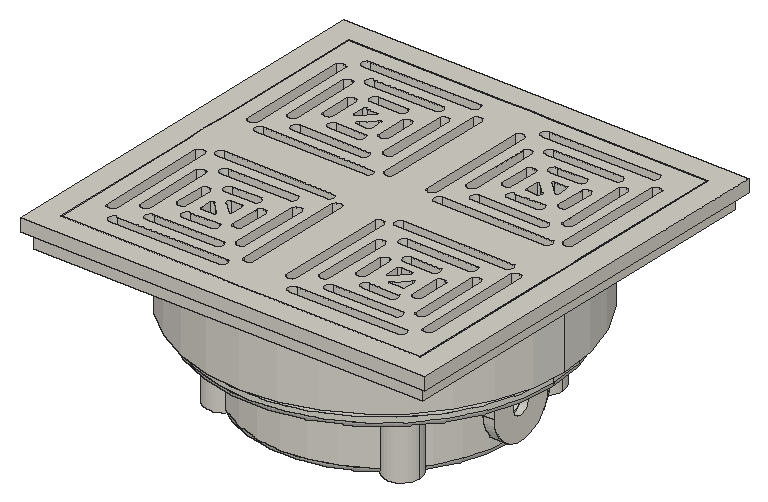
Revit family "Drain_Floor_Top_Square_10-Inch_Zurn-FD2283", category Plumbing Fixtures, Revit 2022
Family settings
  Round Connector Dimension = Use Radius
  Part Type = Normal
  OmniClass Number = 23.70.50.21.24.14
  OmniClass Title = Deck Waste Water Drains
  Work Plane-Based = No
  Always vertical = Yes
  Cut with Voids When Loaded = No
  Maintain Annotation Orientation = No
  Shared = No
  Room Calculation Point = No
Parameters (values of type "FD2283-PV2-2 Inch Outlet")
  Width = 8.875"  # constant formula
  Waste Connection = 0 = 0  # yes
  WFU = 1  # constant formula
  Vent Connection = 0 = 1  # no
  URL = "www.zurn.com"
  Type Comments = ""
  Square Top Decorative (SQ) = 10.000"  # constant formula
  Product data url = "https://www.bimobject.com/en/zurnindustries/product/zurn-fd2283"
  Product Page URL = "https://www.zurn.com/products/drainage-interceptors/floor-drains/area-drains/fd2283"
  Product Documentation Link = "https://files.zurn.com/spec-sheets/82579.pdf"
  Pipe Size A (Nominal Radius) = 1.000"
  Pipe Size A (Inner Radius) = 1.0335"
  Pipe Size A (Actual Radius) = 1.188"
  P-trap = 0.250"  # constant formula
  Modified Date = "10/31/2025"  # constant formula
  Model = "FD2283"  # constant formula
  Manufacurer Brand = "Zurn"  # constant formula
  Manufacturer = "Zurn Water, LLC"  # constant formula
  Grate Height = 0.188"
  Body Height (E) = 2.969"
  HWFU = 0  # constant formula
  HW Connection = 0 = 1  # no
  Grate Open Area Sq.in = 23.000"  # constant formula
  Description = "10[254] Square Top Decorative Floor Drain"  # constant formula
  Default Elevation = 25.000"  # constant formula
  Date Created = "02/05/2019"  # constant formula
  CWFU = 0  # constant formula
  Main Material = Polyvinyl Chloride - Zurn - Polished
  CW Connection = 0 = 1  # no
  Body Range = 2.375"  # constant formula
  Assembly Code = "D2030300"
Reference planes (in)
  plane 1 "Center (Front/Back)": y = 0
  plane 2: z = 0
  plane 3 "Center (Left/Right)": x = 0
  plane 4: x = -5
  plane 5: x = 5
  plane 6: x = -4.4375
  plane 7: x = 4.4375
  plane 8: z = -2.375
  plane 9: z = -5.344
  plane 10: z = -0.3125
  plane 11: y = 5
  plane 12: y = -5
  plane 13: x = -3.188
  plane 14: x = 3.188
  plane 15: z = -0.6875
  plane 16: x = -4.8125
  plane 17: x = 4.8125
  plane 18: y = 4.8125
  plane 19: y = -4.8125
  plane 20: y = 4.4375
  plane 21: y = -4.4375
  plane 22: x = -3.55
  plane 23: x = 3.55
  plane 24: y = 3.55
  plane 25: y = 2.6625
  plane 26: y = 0.8875
  plane 27: y = -3.55
  plane 28: y = -2.6625
  plane 29: y = -0.8875
  plane 30: x = -4.46875
  plane 31: x = 4.46875
  plane 32: z = -2
  plane 33: x = 3.60938
  plane 34: x = 4.32813
  plane 35: z = -2.5
  plane 36: z = -2.26973
  plane 37: x = -4.1875
  plane 38: x = 4.1875
  plane 39: z = -4.313
  plane 40: z = -4.063
  plane 41: x = 2.938
  plane 42: x = -1.0335
  plane 43: x = 1.0335
  plane 44: x = -1.188
  plane 45: x = 1.188
  plane 46: z = -4.313
  plane 47: y = 1.188
  plane 48: y = -1.188
  plane 49: x = 2.21
  plane 50: x = -2.21
  plane 51: y = 2.20978
  plane 52: y = -2.20993
  plane 53: z = -2.75
  plane 54: y = -0.81266
  plane 55: y = 0.81234
  plane 56: z = -3.375
  plane 57: x = 3.375
  plane 58: x = 2.812
  plane 59: z = -3.375
Forms (in)
  Extrusion 1, solid, material "Polyvinyl Chloride - Zurn - Polished" <- "Main Material", detail levels fine
    sketch origin (0, 0, 0) x (1, 0, 0) y (0, 1, 0)
      loop
        line (-5, 5) -> (-5, -5) -> (5, -5) -> (5, 5) -> (-5, 5)
    from 0 to -0.3125
  Extrusion 2, void, detail levels fine
    sketch origin (0, 0, 0) x (0, 1, 0) y (1, 0, 0)
      loop
        line (4.4375, -4.4375) -> (4.4375, 4.4375) -> (-4.4375, 4.4375) -> (-4.4375, -4.4375) -> (4.4375, -4.4375)
    from 0.6875 to 0
  Revolve 3, solid, material "Polyvinyl Chloride - Zurn - Polished" <- "Main Material", detail levels fine
    sketch origin (0, 0, 0) x (1, 0, 0) y (0, 0, 1)
      loop
        line (4.46875, -0.3125) -> (4.32813, -0.3125) -> (4.32813, -2) -> (3.60938, -2) -> (3.60938, -2.5) -> (4.46875, -2.26973) -> (4.46875, -0.3125)
      axis (0, -0.3125) -> (0, -2.5)
    angle from 0 to 360
  Revolve 4, solid, material "Polyvinyl Chloride - Zurn - Polished" <- "Main Material", detail levels fine
    sketch origin (0, 0, 0) x (1, 0, 0) y (0, 0, 1)
      loop
        line (2.938, -2.375) -> (2.938, -4.063) -> (0, -4.063) -> (0, -4.313) -> (3.063, -4.313)
        arc (3.063, -4.313) -> (3.15139, -4.27639) -> (3.188, -4.188) r 0.125
        line (3.188, -4.188) -> (3.188, -2.75) -> (4.0625, -2.75)
        arc (4.0625, -2.75) -> (4.15089, -2.71339) -> (4.1875, -2.625) r 0.125
        line (4.1875, -2.625) -> (4.1875, -2.5)
        arc (4.1875, -2.5) -> (4.15089, -2.41161) -> (4.0625, -2.375) r 0.125
        line (4.0625, -2.375) -> (2.938, -2.375)
      axis (0, -2.375) -> (0, -4.313)
    angle from 0 to 360
  Extrusion 5, solid, material "Polyvinyl Chloride - Zurn - Polished" <- "Main Material", detail levels fine
    sketch origin (0, 0, 0) x (1, 0, 0) y (0, 1, 0)
      loop
        circle (0, 0) r 1.188
    from -4.313 to -5.344
  Extrusion 6, void, detail levels fine
    sketch origin (0, 0, 0) x (0, 1, 0) y (1, 0, 0)
      loop
        circle (0, 0) r 1.0335
    from 2.375 to 5.344
  Extrusion 7, solid, material "Polyvinyl Chloride - Zurn - Polished" <- "Main Material", detail levels fine
    sketch origin (0, 0, 0) x (1, 0, 0) y (0, 1, 0)
      loop
        line (-4.8125, 4.8125) -> (-4.8125, -4.8125) -> (4.8125, -4.8125) -> (4.8125, 4.8125) -> (-4.8125, 4.8125)
    from -0.3125 to -0.6875
  Extrusion 8, void, detail levels fine
    sketch origin (0, 0, 0) x (0, 1, 0) y (1, 0, 0)
      loop
        circle (0, 0) r 4.469
    from 0 to 0.6875
  Extrusion 9, solid, material "Polyvinyl Chloride - Zurn - Polished" <- "Main Material", detail levels fine
    sketch origin (-17.3345, -180, -5.344) x (-1, 0, 0) y (0, -1, 0)
      loop
        circle (-15.1245, -182.20978) r 0.42965
      loop
        circle (-19.5445, -182.20978) r 0.42965
      loop
        circle (-15.1245, -177.79007) r 0.42965
      loop
        circle (-19.5445, -177.79007) r 0.42965
    from 1.031 to 2.594
  Extrusion 10, solid, material "Polyvinyl Chloride - Zurn - Polished" <- "Main Material", detail levels fine
    sketch origin (0, 0, 0) x (0, 1, 0) y (0, 0, 1)
      loop
        arc (-0.81266, -3.375) -> (-0.00016, -4.1875) -> (0.81234, -3.375) r 0.8125
        line (0.81234, -3.375) -> (0.81234, -2.75) -> (-0.81266, -2.75) -> (-0.81266, -3.375)
    from 2.812 to 3.375
  Extrusion 11, void, detail levels fine
    sketch origin (0, 0, 0) x (0, 1, 0) y (0, 0, 1)
      loop
        circle (0, -3.375) r 0.25
    from 2.812 to 3.55
Cuts and joins
  Extrusion 2, Extrusion 8 cuts Extrusion 1
  Extrusion 6, Extrusion 8, Extrusion 11 cuts Revolve 4
  Extrusion 6, Extrusion 8 cuts Extrusion 5
  Extrusion 8 cuts Extrusion 7
  Extrusion 11 cuts Extrusion 10
Lines and regions (in)
  Masking region 1, detail levels fine
    outline origin (-17.3345, -180, -5.344) x (-1, 0, 0) y (0, -1, 0)
      loop
        line (-12.3345, -185) -> (-12.3345, -175) -> (-22.3345, -175) -> (-22.3345, -185) -> (-12.3345, -185)
  model lines, detail levels coarse+medium
    curve 1: line (-5, 5, 0) -> (5, 5, 0)
    curve 2: line (-5, -5, 0) -> (-5, 5, 0)
    curve 3: line (5, -5, 0) -> (-5, -5, 0)
    curve 4: line (5, 5, 0) -> (5, -5, 0)
    curve 5: line (-4.4375, 4.4375, 0) -> (4.4375, 4.4375, 0)
    curve 6: line (-4.4375, -4.4375, 0) -> (-4.4375, 4.4375, 0)
    curve 7: line (4.4375, -4.4375, 0) -> (-4.4375, -4.4375, 0)
    curve 8: line (4.4375, 4.4375, 0) -> (4.4375, -4.4375, 0)
    curve 9: line (-3.55, 4.4375, 0) -> (-3.55, -4.4375, 0)
    curve 10: line (-2.6625, 4.4375, 0) -> (-2.6625, -4.4375, 0)
    curve 11: line (-1.775, 4.4375, 0) -> (-1.775, -4.4375, 0)
    curve 12: line (-0.8875, 4.4375, 0) -> (-0.8875, -4.4375, 0)
    curve 13: line (0, 4.4375, 0) -> (0, -4.4375, 0)
    curve 14: line (0.8875, 4.4375, 0) -> (0.8875, -4.4375, 0)
    curve 15: line (1.775, 4.4375, 0) -> (1.775, -4.4375, 0)
    curve 16: line (2.6625, 4.4375, 0) -> (2.6625, -4.4375, 0)
    curve 17: line (3.55, 4.4375, 0) -> (3.55, -4.4375, 0)
    curve 18: line (-4.4375, 3.55, 0) -> (4.4375, 3.55, 0)
    curve 19: line (-4.4375, 2.6625, 0) -> (4.4375, 2.6625, 0)
    curve 20: line (-4.4375, 1.775, 0) -> (4.4375, 1.775, 0)
    curve 21: line (-4.4375, 0.8875, 0) -> (4.4375, 0.8875, 0)
    curve 22: line (-4.4375, 0, 0) -> (4.4375, 0, 0)
    curve 23: line (-4.4375, -0.8875, 0) -> (4.4375, -0.8875, 0)
    curve 24: line (-4.4375, -1.775, 0) -> (4.4375, -1.775, 0)
    curve 25: line (-4.4375, -2.6625, 0) -> (4.4375, -2.6625, 0)
    curve 26: line (-4.4375, -3.55, 0) -> (4.4375, -3.55, 0)
    curve 27: line (0, 0, -5.344) -> (0, 0, 0)
    curve 28: line (0, 1.188, -5.344) -> (0, -1.188, -5.344)
    curve 29: line (-1.188, 0, -5.344) -> (1.188, 0, -5.344)
Dimensions and locks (in)
  equal spacing: plane 5, plane 3 "Center (Left/Right)", plane 4
  "Square Top Decorative (SQ)": plane 5 to plane 4
  equal spacing: plane 7, plane 3 "Center (Left/Right)", plane 6
  "Width": plane 7 to plane 6
  "Body Range": level to plane 8
  "Body Height (E)": plane 8 to plane 9
  plane 4 to plane 5 = 10.000"
  plane 11 to plane 12 = 10.000"
  equal spacing: plane 17, plane 3 "Center (Left/Right)", plane 16
  locked: plane 17 to plane 16 at 9.625
  plane 16 to plane 17 = 9.625"
  plane 6 to plane 7 = 8.875"
  equal spacing: plane 11, plane 1 "Center (Front/Back)", plane 12
  "Square Top Decorative (SQ)": plane 11 to plane 12
  equal spacing: plane 18, plane 1 "Center (Front/Back)", plane 19
  locked: plane 18 to plane 19 at 9.625
  equal spacing: plane 20, plane 1 "Center (Front/Back)", plane 21
  "Width": plane 20 to plane 21
  plane 15 to plane 8 = 1.6875"
  plane 6 to plane 22 to plane 3 "Center (Left/Right)" = 0.8875", 3.550"
  plane 3 "Center (Left/Right)" to plane 23 to plane 7 = 3.550", 0.8875"
  plane 20 to plane 24 to plane 25 to plane 26 to plane 1 "Center (Front/Back)" = 0.8875", 0.8875", 1.775", 0.8875"
  plane 1 "Center (Front/Back)" to plane 29 to plane 28 to plane 27 to plane 21 = 0.8875", 1.775", 0.8875", 0.8875"
  plane 10 to plane 15 = 0.375"
  plane 17 to plane 7 = 0.375"
  level to plane 10 = 0.3125"
  equal spacing: plane 31, plane 3 "Center (Left/Right)", plane 30
  plane 31 to plane 30 = 8.9375"
  locked: level to plane 32 at 2
  locked: plane 36 to plane 8 at 0.10527
  equal spacing: plane 38, plane 3 "Center (Left/Right)", plane 37
  plane 38 to plane 37 = 8.375"
  locked: plane 14 to plane 41 at 0.25
  locked: plane 40 to plane 39 at 0.25
  equal spacing: plane 45, plane 3 "Center (Left/Right)", plane 44
  "Pipe Size A (Actual Radius)": plane 3 "Center (Left/Right)" to plane 44
  "Pipe Size A (Actual Radius)": plane 45 to plane 3 "Center (Left/Right)"
  equal spacing: plane 43, plane 3 "Center (Left/Right)", plane 42
  "Pipe Size A (Inner Radius)": plane 3 "Center (Left/Right)" to plane 42
  "Pipe Size A (Inner Radius)": plane 43 to plane 3 "Center (Left/Right)"
  locked: plane 8 to plane 46 at 1.938
  Extrusion 2 to plane 6 = 8.875"
  plane 46 to plane 9 = 1.031"
  equal spacing: plane 47, plane 1 "Center (Front/Back)", plane 48
  "Pipe Size A (Actual Radius)": plane 47 to plane 1 "Center (Front/Back)"
  "Pipe Size A (Actual Radius)": plane 1 "Center (Front/Back)" to plane 48
  "Pipe Size A (Actual Radius)": plane 44 to plane 3 "Center (Left/Right)"
  "Pipe Size A (Actual Radius)": plane 3 "Center (Left/Right)" to plane 45
  plane 51 to plane 1 "Center (Front/Back)" = 2.20978"
  plane 52 to plane 1 "Center (Front/Back)" = 2.20993"
  plane 50 to plane 3 "Center (Left/Right)" = 2.210"
  plane 3 "Center (Left/Right)" to plane 49 = 2.210"
  plane 57 to plane 3 "Center (Left/Right)" = 3.375"
  plane 57 to plane 58 = 0.563"
  plane 53 to plane 59 = 0.625"
  "Pipe Size A (Actual Radius)": radius of Extrusion 5 sketch curve
  "Pipe Size A (Inner Radius)": radius of Extrusion 6 sketch curve
  "P-trap": radius of Extrusion 11 sketch curve
  aligned and locked: plane 2 to level
  aligned and locked: Extrusion 1 sketch curve to plane 11
  aligned and locked: plane 4 to Extrusion 1 sketch curve
  aligned and locked: plane 12 to Extrusion 1 sketch curve
  aligned and locked: Extrusion 1 sketch curve to plane 5
  aligned and locked: level to Extrusion 1
  aligned and locked: Extrusion 1 to plane 10
  aligned and locked: Extrusion 1 to plane 4
  aligned and locked: plane 5 to Extrusion 1
  aligned and locked: plane 5 to cut or joined group of Extrusion 1, Extrusion 2, Extrusion 8
  aligned and locked: Extrusion 2 to plane 15
  aligned and locked: level to Extrusion 2
  aligned and locked: curve 1 to cut or joined group of Extrusion 1, Extrusion 2, Extrusion 8
  aligned and locked: curve 2 to cut or joined group of Extrusion 1, Extrusion 2, Extrusion 8
  aligned and locked: curve 3 to cut or joined group of Extrusion 1, Extrusion 2, Extrusion 8
  aligned and locked: curve 4 to cut or joined group of Extrusion 1, Extrusion 2, Extrusion 8
  aligned and locked: curve 6 to cut or joined group of Extrusion 1, Extrusion 2, Extrusion 8
  aligned and locked: curve 8 to cut or joined group of Extrusion 1, Extrusion 2, Extrusion 8
  aligned and locked: curve 9 to plane 22
  aligned and locked: curve 13 to plane 3 "Center (Left/Right)"
  aligned and locked: plane 23 to curve 17
  aligned and locked: curve 18 to plane 24
  aligned and locked: curve 19 to plane 25
  aligned and locked: curve 21 to plane 26
  aligned and locked: plane 1 "Center (Front/Back)" to curve 22
  aligned and locked: plane 29 to curve 23
  aligned and locked: plane 28 to curve 25
  aligned and locked: plane 27 to curve 26
  aligned and locked: plane 3 "Center (Left/Right)" to curve 27
  aligned and locked: plane 20 to cut or joined group of Extrusion 1, Extrusion 2, Extrusion 8
  aligned and locked: cut or joined group of Extrusion 1, Extrusion 2, Extrusion 8 to plane 6
  aligned and locked: plane 7 to cut or joined group of Extrusion 1, Extrusion 2, Extrusion 8
  aligned and locked: cut or joined group of Extrusion 1, Extrusion 2, Extrusion 8 to plane 21
  aligned and locked: cut or joined group of Extrusion 1, Extrusion 2, Extrusion 8 to plane 10
  aligned and locked: Revolve 3 sketch curve to plane 10
  aligned and locked: plane 32 to Revolve 3 sketch curve
  aligned and locked: plane 33 to Revolve 3 sketch curve
  aligned and locked: Revolve 3 sketch curve to plane 31
  aligned and locked: plane 34 to Revolve 3 sketch curve
  aligned and locked: plane 35 to Revolve 3 sketch curve
  aligned and locked: plane 36 to Revolve 3 sketch curve
  aligned and locked: Revolve 3 sketch curve to plane 3 "Center (Left/Right)"
  aligned and locked: Revolve 4 sketch curve to plane 8
  aligned and locked: Revolve 4 sketch curve to plane 38
  aligned and locked: Revolve 4 sketch curve to plane 3 "Center (Left/Right)"
  aligned and locked: plane 14 to Revolve 4 sketch curve
  aligned and locked: Revolve 4 sketch curve to plane 41
  aligned and locked: plane 39 to Revolve 4 sketch curve
  aligned and locked: plane 40 to Revolve 4 sketch curve
  aligned and locked: plane 3 "Center (Left/Right)" to Revolve 4 sketch curve
  aligned and locked: plane 3 "Center (Left/Right)" to Extrusion 5 sketch curve
  aligned and locked: plane 1 "Center (Front/Back)" to Extrusion 5 sketch curve
  aligned and locked: plane 46 to Extrusion 5
  aligned and locked: Extrusion 5 to plane 9
  aligned and locked: plane 3 "Center (Left/Right)" to Extrusion 6 sketch curve
  aligned and locked: plane 1 "Center (Front/Back)" to Extrusion 6 sketch curve
  aligned and locked: Extrusion 6 to plane 9
  aligned and locked: plane 19 to Extrusion 7 sketch curve
  aligned and locked: Extrusion 7 sketch curve to plane 17
  aligned and locked: plane 16 to Extrusion 7 sketch curve
  aligned and locked: Extrusion 7 sketch curve to plane 18
  aligned and locked: Extrusion 7 to plane 15
  aligned and locked: plane 10 to Extrusion 7
  aligned and locked: Extrusion 8 to plane 15
  aligned and locked: level to Extrusion 8
  aligned and locked: plane 1 "Center (Front/Back)" to nested 1
  aligned and locked: plane 3 "Center (Left/Right)" to nested 1
  aligned and locked: plane 47 to curve 28
  aligned and locked: plane 48 to curve 28
  aligned and locked: curve 28 to plane 9
  aligned and locked: plane 44 to curve 29
  aligned and locked: plane 45 to curve 29
  aligned and locked: plane 1 "Center (Front/Back)" to curve 29
  aligned and locked: plane 50 to Extrusion 9 sketch curve  (x2)
  aligned and locked: plane 51 to Extrusion 9 sketch curve  (x2)
  aligned and locked: plane 49 to Extrusion 9 sketch curve  (x2)
  aligned and locked: plane 52 to Extrusion 9 sketch curve  (x2)
  aligned and locked: plane 53 to cut or joined group of Revolve 4, Extrusion 6, Extrusion 8, Extrusion 11
  aligned and locked: plane 53 to Extrusion 9
  aligned and locked: Extrusion 9 to plane 46
  aligned and locked: plane 53 to Extrusion 10 sketch curve
  aligned and locked: plane 54 to Extrusion 10 sketch curve
  aligned and locked: plane 55 to Extrusion 10 sketch curve
  aligned and locked: plane 56 to Extrusion 10 sketch curve
  aligned and locked: plane 57 to Extrusion 10
  aligned and locked: Extrusion 10 to plane 58
  aligned and locked: plane 1 "Center (Front/Back)" to Extrusion 11 sketch curve
  aligned and locked: plane 59 to Extrusion 11 sketch curve
  aligned and locked: Extrusion 11 to plane 23
  aligned and locked: Extrusion 11 to plane 58
  aligned and locked: Masking region 1 sketch curve to plane 11
  aligned and locked: Masking region 1 sketch curve to plane 5
  aligned and locked: plane 12 to Masking region 1 sketch curve
  aligned and locked: plane 4 to Masking region 1 sketch curve
Automatic sketch dimensions
  Extrusion 2 sketch curve to plane 6 = 0.000"
  Extrusion 2 sketch curve to plane 7 = 0.000"
  Extrusion 2 sketch curve to plane 21 = 0.000"
  Extrusion 2 sketch curve to plane 20 = 0.000"
  Revolve 3 sketch curve to plane 9 = 0.769"
  level to Revolve 3 sketch curve = 1.887"
  Revolve 4 sketch curve to plane 38 = 0.125"  (x2)
  Revolve 4 sketch curve to Revolve 4 sketch curve = 0.125"  (x2)
  Revolve 4 sketch curve to plane 9 = 3.156"
  level to Revolve 4 sketch curve = 8.250"
  plane 3 "Center (Left/Right)" to curve 14 = 0.8875"
  curve 14 to curve 15 = 0.8875"
  curve 12 to curve 13 = 0.8875"
  plane 13 to curve 10 = 0.5255"
  curve 11 to curve 12 = 0.8875"
  plane 14 to curve 16 = 0.5255"
  plane 1 "Center (Front/Back)" to Extrusion 8 sketch curve = 0.000"
  Extrusion 8 sketch curve to plane 3 "Center (Left/Right)" = 0.000"
  curve 10 to plane 21 = 0.000"
  curve 12 to plane 20 = 0.000"
  curve 24 to curve 23 = 0.8875"
  curve 20 to plane 25 = 0.8875"
  curve 27 to plane 9 = 0.000"
  curve 27 to level = 0.000"
  Extrusion 11 sketch curve to plane 59 = 0.000"
  radius of Extrusion 8 sketch curve = 4.469"
  radius of Extrusion 9 sketch curve = 0.42965"  (x4)
Nested families (in)
  nested 1: "Grate" at (0, 0, 0), Main Material <- "Main Material", type "Grate", detail levels fine
    with Main Material Polyvinyl Chloride - Zurn - Polished
Connectors (in)
  piping at (0, 0, -5.344), diameter 2, driven by "Pipe Size A (Nominal Radius)", driven by "Waste Connection"
    settings: on cut or joined group of Extrusion 5, Extrusion 6, Extrusion 8, index 1, connector inside diameter 24", connector length 0.000", flow factor 0, pipe flow 0 GPM, pressure drop 0.00 psi, fitting loss kfactor 0, connector angle 0.00°, fixture units 0, engagement length 0.000", angle of deflection 0.00°, flow configuration 0, flow direction 2, fitting loss method 0, system type 16, joint type 0, gender type 0, connector reference index -1, connector utility 1, adjustable connector no, is connector primary yes, connector description "Outlet connection"
Definition of nested family "Grate"
  Parameters (values of type "Grate")
    URL = "www.zurn.com"
    Product data url = ""
    Product Page URL = ""
    Product Installation Sheet URL = ""
    Product Documentation Link = ""
    Modified Date = ""
    Manufacurer Brand = "Zurn"  # constant formula
    Manufacturer = "Zurn Water, LLC"  # constant formula
    Main Material [instance] = none
    Default Elevation = 0.000"
    Date Created = ""
    Approx. Weight (Lbs) = 0.000"
  Reference planes (in)
    plane 1 "Center (Front/Back)": y = 0
    plane 2: z = 0
    plane 3 "Center (Left/Right)": x = 0
    plane 4: z = -0.313
    plane 5: x = -4.4375
    plane 6: x = 4.4375
    plane 7: y = 4.4375
    plane 8: y = -4.4375
    plane 9: y = 4.03125
    plane 10: y = -4.03125
    plane 11: x = -3.6775
    plane 12: x = 4.03125
    plane 13: x = -0.75562
    plane 14: y = 3.78125
    plane 15: y = 3.90625
    plane 16: x = -3.54727
    plane 17: x = -0.88585
    plane 18: x = -3.1775
    plane 19: x = -1.25562
    plane 20: y = 3.53125
    plane 21: y = 3.28125
    plane 22: x = -2.21656
    plane 23: y = 3.03125
    plane 24: y = 2.78125
    plane 25: x = -2.6775
    plane 26: x = -1.75562
    plane 27: x = -4.0315
    plane 28: x = -3.5315
    plane 29: x = -3.0315
    plane 30: y = 2.2556
    plane 31: through (-2.21656, 2.2556, 48) normal (-0.7071, -0.7071, 0)
    plane 32: through (-2.21656, 2.2556, 48) normal (-0.7071, 0.7071, 0)
    plane 33: x = -2.5315
    plane 34: through (-2.29434, 2.33338, 48) normal (-0.7071, 0.7071, 0)
    plane 35: through (-2.13878, 2.17782, 48) normal (-0.7071, 0.7071, 0)
    plane 36: y = 4.03125
    plane 37: y = -4.03125
    plane 38: x = 3.6775
    plane 39: x = -4.03125
    plane 40: x = 0.75563
    plane 41: y = 3.78125
    plane 42: y = 3.90625
    plane 43: x = 3.54727
    plane 44: x = 0.88585
    plane 45: x = 3.1775
    plane 46: x = 1.25563
    plane 47: y = 3.53125
    plane 48: y = 3.28125
    plane 49: x = 2.21656
    plane 50: y = 3.03125
    plane 51: y = 2.78125
    plane 52: x = 2.6775
    plane 53: x = 1.75563
    plane 54: x = 4.0315
    plane 55: x = 3.5315
    plane 56: x = 3.0315
    plane 57: y = 2.2556
    plane 58: through (2.21656, 2.2556, 48) normal (-0.7071, 0.7071, 0)
    plane 59: through (2.21656, 2.2556, 48) normal (-0.7071, -0.7071, 0)
    plane 60: x = 2.5315
    plane 61: through (2.29434, 2.33338, 48) normal (-0.7071, -0.7071, 0)
    plane 62: through (2.13878, 2.17782, 48) normal (-0.7071, -0.7071, 0)
    plane 63: y = -4.03125
    plane 64: y = 4.03125
    plane 65: x = -3.6775
    plane 66: x = 4.03125
    plane 67: x = -0.75562
    plane 68: y = -3.78125
    plane 69: y = -3.90625
    plane 70: x = -3.54727
    plane 71: x = -0.88585
    plane 72: x = -3.1775
    plane 73: x = -1.25562
    plane 74: y = -3.53125
    plane 75: y = -3.28125
    plane 76: x = -2.21656
    plane 77: y = -3.03125
    plane 78: y = -2.78125
    plane 79: x = -2.6775
    plane 80: x = -1.75562
    plane 81: x = -4.0315
    plane 82: x = -3.5315
    plane 83: x = -3.0315
    plane 84: y = -2.2556
    plane 85: through (-2.21656, -2.2556, 48) normal (0.7071, -0.7071, 0)
    plane 86: through (-2.21656, -2.2556, 48) normal (0.7071, 0.7071, 0)
    plane 87: x = -2.5315
    plane 88: through (-2.29434, -2.33338, 48) normal (0.7071, 0.7071, 0)
    plane 89: through (-2.13878, -2.17782, 48) normal (0.7071, 0.7071, 0)
    plane 90: y = -4.03125
    plane 91: y = 4.03125
    plane 92: x = 3.6775
    plane 93: x = -4.03125
    plane 94: x = 0.75563
    plane 95: y = -3.78125
    plane 96: y = -3.90625
    plane 97: x = 3.54727
    plane 98: x = 0.88585
    plane 99: x = 3.1775
    plane 100: x = 1.25563
    plane 101: y = -3.53125
    plane 102: y = -3.28125
    plane 103: x = 2.21656
    plane 104: y = -3.03125
    plane 105: y = -2.78125
    plane 106: x = 2.6775
    plane 107: x = 1.75563
    plane 108: x = 4.0315
    plane 109: x = 3.5315
    plane 110: x = 3.0315
    plane 111: y = -2.2556
    plane 112: through (2.21656, -2.2556, 48) normal (0.7071, 0.7071, 0)
    plane 113: through (2.21656, -2.2556, 48) normal (0.7071, -0.7071, 0)
    plane 114: x = 2.5315
    plane 115: through (2.29434, -2.33338, 48) normal (0.7071, -0.7071, 0)
    plane 116: through (2.13878, -2.17782, 48) normal (0.7071, -0.7071, 0)
  Forms (in)
    Extrusion 1, solid, material <- "Main Material"
      sketch origin (0, 0, 0) x (1, 0, 0) y (0, 1, 0)
        loop
          line (-4.4375, 4.4375) -> (-4.4375, -4.4375) -> (4.4375, -4.4375) -> (4.4375, 4.4375) -> (-4.4375, 4.4375)
      from 0 to -0.313
    Extrusion 2, void
      sketch origin (0, 0, 0) x (1, 0, 0) y (0, 1, 0)
        loop
          arc (-3.58382, 4.03125) -> (-3.67751, 3.90625) -> (-3.58382, 3.78125) r 0.13023
          line (-3.58382, 3.78125) -> (-0.8493, 3.78125)
          arc (-0.8493, 3.78125) -> (-0.75562, 3.90625) -> (-0.8493, 4.03125) r 0.13023
          line (-0.8493, 4.03125) -> (-3.58382, 4.03125)
        loop
          arc (-3.08382, 3.53124) -> (-3.1775, 3.40624) -> (-3.08382, 3.28124) r 0.13023
          line (-3.08382, 3.28124) -> (-1.34931, 3.28124)
          arc (-1.34931, 3.28124) -> (-1.25562, 3.40624) -> (-1.34931, 3.53124) r 0.13023
          line (-1.34931, 3.53124) -> (-3.08382, 3.53124)
        loop
          arc (-2.58382, 3.03124) -> (-2.6775, 2.90624) -> (-2.58382, 2.78124) r 0.13023
          line (-2.58382, 2.78124) -> (-1.84931, 2.78124)
          arc (-1.84931, 2.78124) -> (-1.75562, 2.90624) -> (-1.84931, 3.03124) r 0.13023
          line (-1.84931, 3.03124) -> (-2.58382, 3.03124)
        loop
          arc (-4.0315, 0.80374) -> (-3.9065, 0.71006) -> (-3.7815, 0.80374) r 0.13023
          line (-3.7815, 0.80374) -> (-3.7815, 3.53826)
          arc (-3.7815, 3.53826) -> (-3.9065, 3.63195) -> (-4.0315, 3.53826) r 0.13023
          line (-4.0315, 3.53826) -> (-4.0315, 0.80374)
        loop
          arc (-3.5315, 1.40612) -> (-3.4065, 1.31243) -> (-3.2815, 1.40612) r 0.13023
          line (-3.2815, 1.40612) -> (-3.2815, 3.14062)
          arc (-3.2815, 3.14062) -> (-3.4065, 3.23431) -> (-3.5315, 3.14062) r 0.13023
          line (-3.5315, 3.14062) -> (-3.5315, 1.40612)
        loop
          arc (-3.0315, 1.88835) -> (-2.9065, 1.79466) -> (-2.7815, 1.88835) r 0.13023
          line (-2.7815, 1.88835) -> (-2.7815, 2.62286)
          arc (-2.7815, 2.62286) -> (-2.9065, 2.71654) -> (-3.0315, 2.62286) r 0.13023
          line (-3.0315, 2.62286) -> (-3.0315, 1.88835)
        loop
          line (-3.58382, 0.47995) -> (-0.8493, 0.47995)
          arc (-0.8493, 0.47995) -> (-0.75562, 0.60495) -> (-0.8493, 0.72995) r 0.13023
          line (-0.8493, 0.72995) -> (-3.58382, 0.72995)
          arc (-3.58382, 0.72995) -> (-3.67751, 0.60495) -> (-3.58382, 0.47995) r 0.13023
        loop
          line (-3.08382, 0.97996) -> (-1.34931, 0.97996)
          arc (-1.34931, 0.97996) -> (-1.25562, 1.10496) -> (-1.34931, 1.22996) r 0.13023
          line (-1.34931, 1.22996) -> (-3.08382, 1.22996)
          arc (-3.08382, 1.22996) -> (-3.1775, 1.10496) -> (-3.08382, 0.97996) r 0.13023
        loop
          line (-2.58382, 1.47996) -> (-1.84931, 1.47996)
          arc (-1.84931, 1.47996) -> (-1.75562, 1.60496) -> (-1.84931, 1.72996) r 0.13023
          line (-1.84931, 1.72996) -> (-2.58382, 1.72996)
          arc (-2.58382, 1.72996) -> (-2.6775, 1.60496) -> (-2.58382, 1.47996) r 0.13023
        loop
          line (-0.40162, 0.80374) -> (-0.40162, 3.53826)
          arc (-0.40162, 3.53826) -> (-0.52662, 3.63195) -> (-0.65162, 3.53826) r 0.13023
          line (-0.65162, 3.53826) -> (-0.65162, 0.80374)
          arc (-0.65162, 0.80374) -> (-0.52662, 0.71006) -> (-0.40162, 0.80374) r 0.13023
        loop
          line (-0.90162, 1.40612) -> (-0.90162, 3.14062)
          arc (-0.90162, 3.14062) -> (-1.02662, 3.23431) -> (-1.15162, 3.14062) r 0.13023
          line (-1.15162, 3.14062) -> (-1.15162, 1.40612)
          arc (-1.15162, 1.40612) -> (-1.02662, 1.31243) -> (-0.90162, 1.40612) r 0.13023
        loop
          line (-1.40162, 1.88835) -> (-1.40162, 2.62286)
          arc (-1.40162, 2.62286) -> (-1.52662, 2.71654) -> (-1.65162, 2.62286) r 0.13023
          line (-1.65162, 2.62286) -> (-1.65162, 1.88835)
          arc (-1.65162, 1.88835) -> (-1.52662, 1.79466) -> (-1.40162, 1.88835) r 0.13023
        loop
          arc (-2.5315, 2.22378) -> (-2.48879, 2.1814) -> (-2.43068, 2.19704) r 0.06031
          line (-2.43068, 2.19704) -> (-2.15801, 2.46972)
          arc (-2.15801, 2.46972) -> (-2.14034, 2.51237) -> (-2.15801, 2.55501) r 0.06031
          line (-2.15801, 2.55501) -> (-2.47612, 2.55501)
          arc (-2.47612, 2.55501) -> (-2.5192, 2.53492) -> (-2.5315, 2.48901) r 0.05623
          line (-2.5315, 2.48901) -> (-2.5315, 2.22378)
        loop
          line (-2.24838, 1.94066) -> (-1.98315, 1.94066)
          arc (-1.98315, 1.94066) -> (-1.93724, 1.95297) -> (-1.91715, 1.99604) r 0.05623
          line (-1.91715, 1.99604) -> (-1.91715, 2.31416)
          arc (-1.91715, 2.31416) -> (-1.9598, 2.33182) -> (-2.00244, 2.31416) r 0.06031
          line (-2.00244, 2.31416) -> (-2.27512, 2.04148)
          arc (-2.27512, 2.04148) -> (-2.29077, 1.98338) -> (-2.24838, 1.94066) r 0.06031
      from 0 to -0.313
    Extrusion 3, void
      sketch origin (0, 0, 0) x (-1, 0, 0) y (0, -1, 0)
        loop
          line (-3.58382, -4.03125) -> (-0.8493, -4.03125)
          arc (-0.8493, -4.03125) -> (-0.75562, -3.90625) -> (-0.8493, -3.78125) r 0.13023
          line (-0.8493, -3.78125) -> (-3.58382, -3.78125)
          arc (-3.58382, -3.78125) -> (-3.67751, -3.90625) -> (-3.58382, -4.03125) r 0.13023
        loop
          line (-3.08382, -3.53124) -> (-1.34931, -3.53124)
          arc (-1.34931, -3.53124) -> (-1.25562, -3.40624) -> (-1.34931, -3.28124) r 0.13023
          line (-1.34931, -3.28124) -> (-3.08382, -3.28124)
          arc (-3.08382, -3.28124) -> (-3.1775, -3.40624) -> (-3.08382, -3.53124) r 0.13023
        loop
          line (-2.58382, -3.03124) -> (-1.84931, -3.03124)
          arc (-1.84931, -3.03124) -> (-1.75562, -2.90624) -> (-1.84931, -2.78124) r 0.13023
          line (-1.84931, -2.78124) -> (-2.58382, -2.78124)
          arc (-2.58382, -2.78124) -> (-2.6775, -2.90624) -> (-2.58382, -3.03124) r 0.13023
        loop
          line (-4.0315, -0.80374) -> (-4.0315, -3.53826)
          arc (-4.0315, -3.53826) -> (-3.9065, -3.63195) -> (-3.7815, -3.53826) r 0.13023
          line (-3.7815, -3.53826) -> (-3.7815, -0.80374)
          arc (-3.7815, -0.80374) -> (-3.9065, -0.71006) -> (-4.0315, -0.80374) r 0.13023
        loop
          line (-3.5315, -1.40612) -> (-3.5315, -3.14062)
          arc (-3.5315, -3.14062) -> (-3.4065, -3.23431) -> (-3.2815, -3.14062) r 0.13023
          line (-3.2815, -3.14062) -> (-3.2815, -1.40612)
          arc (-3.2815, -1.40612) -> (-3.4065, -1.31243) -> (-3.5315, -1.40612) r 0.13023
        loop
          line (-3.0315, -1.88835) -> (-3.0315, -2.62286)
          arc (-3.0315, -2.62286) -> (-2.9065, -2.71654) -> (-2.7815, -2.62286) r 0.13023
          line (-2.7815, -2.62286) -> (-2.7815, -1.88835)
          arc (-2.7815, -1.88835) -> (-2.9065, -1.79466) -> (-3.0315, -1.88835) r 0.13023
        loop
          arc (-3.58382, -0.47995) -> (-3.67751, -0.60495) -> (-3.58382, -0.72995) r 0.13023
          line (-3.58382, -0.72995) -> (-0.8493, -0.72995)
          arc (-0.8493, -0.72995) -> (-0.75562, -0.60495) -> (-0.8493, -0.47995) r 0.13023
          line (-0.8493, -0.47995) -> (-3.58382, -0.47995)
        loop
          arc (-3.08382, -0.97996) -> (-3.1775, -1.10496) -> (-3.08382, -1.22996) r 0.13023
          line (-3.08382, -1.22996) -> (-1.34931, -1.22996)
          arc (-1.34931, -1.22996) -> (-1.25562, -1.10496) -> (-1.34931, -0.97996) r 0.13023
          line (-1.34931, -0.97996) -> (-3.08382, -0.97996)
        loop
          arc (-2.58382, -1.47996) -> (-2.6775, -1.60496) -> (-2.58382, -1.72996) r 0.13023
          line (-2.58382, -1.72996) -> (-1.84931, -1.72996)
          arc (-1.84931, -1.72996) -> (-1.75562, -1.60496) -> (-1.84931, -1.47996) r 0.13023
          line (-1.84931, -1.47996) -> (-2.58382, -1.47996)
        loop
          arc (-0.40162, -0.80374) -> (-0.52662, -0.71006) -> (-0.65162, -0.80374) r 0.13023
          line (-0.65162, -0.80374) -> (-0.65162, -3.53826)
          arc (-0.65162, -3.53826) -> (-0.52662, -3.63195) -> (-0.40162, -3.53826) r 0.13023
          line (-0.40162, -3.53826) -> (-0.40162, -0.80374)
        loop
          arc (-0.90162, -1.40612) -> (-1.02662, -1.31243) -> (-1.15162, -1.40612) r 0.13023
          line (-1.15162, -1.40612) -> (-1.15162, -3.14062)
          arc (-1.15162, -3.14062) -> (-1.02662, -3.23431) -> (-0.90162, -3.14062) r 0.13023
          line (-0.90162, -3.14062) -> (-0.90162, -1.40612)
        loop
          arc (-1.40162, -1.88835) -> (-1.52662, -1.79466) -> (-1.65162, -1.88835) r 0.13023
          line (-1.65162, -1.88835) -> (-1.65162, -2.62286)
          arc (-1.65162, -2.62286) -> (-1.52662, -2.71654) -> (-1.40162, -2.62286) r 0.13023
          line (-1.40162, -2.62286) -> (-1.40162, -1.88835)
        loop
          line (-2.5315, -2.22378) -> (-2.5315, -2.48901)
          arc (-2.5315, -2.48901) -> (-2.5192, -2.53492) -> (-2.47612, -2.55501) r 0.05623
          line (-2.47612, -2.55501) -> (-2.15801, -2.55501)
          arc (-2.15801, -2.55501) -> (-2.14034, -2.51237) -> (-2.15801, -2.46972) r 0.06031
          line (-2.15801, -2.46972) -> (-2.43068, -2.19704)
          arc (-2.43068, -2.19704) -> (-2.48879, -2.1814) -> (-2.5315, -2.22378) r 0.06031
        loop
          arc (-2.24838, -1.94066) -> (-2.29077, -1.98338) -> (-2.27512, -2.04148) r 0.06031
          line (-2.27512, -2.04148) -> (-2.00244, -2.31416)
          arc (-2.00244, -2.31416) -> (-1.9598, -2.33182) -> (-1.91715, -2.31416) r 0.06031
          line (-1.91715, -2.31416) -> (-1.91715, -1.99604)
          arc (-1.91715, -1.99604) -> (-1.93724, -1.95297) -> (-1.98315, -1.94066) r 0.05623
          line (-1.98315, -1.94066) -> (-2.24838, -1.94066)
      from 0 to -0.313
    Extrusion 4, void
      sketch origin (0, 0, 0) x (1, 0, 0) y (0, 1, 0)
        loop
          line (-3.58382, -4.03125) -> (-0.8493, -4.03125)
          arc (-0.8493, -4.03125) -> (-0.75562, -3.90625) -> (-0.8493, -3.78125) r 0.13023
          line (-0.8493, -3.78125) -> (-3.58382, -3.78125)
          arc (-3.58382, -3.78125) -> (-3.67751, -3.90625) -> (-3.58382, -4.03125) r 0.13023
        loop
          line (-3.08382, -3.53124) -> (-1.34931, -3.53124)
          arc (-1.34931, -3.53124) -> (-1.25562, -3.40624) -> (-1.34931, -3.28124) r 0.13023
          line (-1.34931, -3.28124) -> (-3.08382, -3.28124)
          arc (-3.08382, -3.28124) -> (-3.1775, -3.40624) -> (-3.08382, -3.53124) r 0.13023
        loop
          line (-2.58382, -3.03124) -> (-1.84931, -3.03124)
          arc (-1.84931, -3.03124) -> (-1.75562, -2.90624) -> (-1.84931, -2.78124) r 0.13023
          line (-1.84931, -2.78124) -> (-2.58382, -2.78124)
          arc (-2.58382, -2.78124) -> (-2.6775, -2.90624) -> (-2.58382, -3.03124) r 0.13023
        loop
          line (-4.0315, -0.80374) -> (-4.0315, -3.53826)
          arc (-4.0315, -3.53826) -> (-3.9065, -3.63195) -> (-3.7815, -3.53826) r 0.13023
          line (-3.7815, -3.53826) -> (-3.7815, -0.80374)
          arc (-3.7815, -0.80374) -> (-3.9065, -0.71006) -> (-4.0315, -0.80374) r 0.13023
        loop
          line (-3.5315, -1.40612) -> (-3.5315, -3.14062)
          arc (-3.5315, -3.14062) -> (-3.4065, -3.23431) -> (-3.2815, -3.14062) r 0.13023
          line (-3.2815, -3.14062) -> (-3.2815, -1.40612)
          arc (-3.2815, -1.40612) -> (-3.4065, -1.31243) -> (-3.5315, -1.40612) r 0.13023
        loop
          line (-3.0315, -1.88835) -> (-3.0315, -2.62286)
          arc (-3.0315, -2.62286) -> (-2.9065, -2.71654) -> (-2.7815, -2.62286) r 0.13023
          line (-2.7815, -2.62286) -> (-2.7815, -1.88835)
          arc (-2.7815, -1.88835) -> (-2.9065, -1.79466) -> (-3.0315, -1.88835) r 0.13023
        loop
          arc (-3.58382, -0.47995) -> (-3.67751, -0.60495) -> (-3.58382, -0.72995) r 0.13023
          line (-3.58382, -0.72995) -> (-0.8493, -0.72995)
          arc (-0.8493, -0.72995) -> (-0.75562, -0.60495) -> (-0.8493, -0.47995) r 0.13023
          line (-0.8493, -0.47995) -> (-3.58382, -0.47995)
        loop
          arc (-3.08382, -0.97996) -> (-3.1775, -1.10496) -> (-3.08382, -1.22996) r 0.13023
          line (-3.08382, -1.22996) -> (-1.34931, -1.22996)
          arc (-1.34931, -1.22996) -> (-1.25562, -1.10496) -> (-1.34931, -0.97996) r 0.13023
          line (-1.34931, -0.97996) -> (-3.08382, -0.97996)
        loop
          arc (-2.58382, -1.47996) -> (-2.6775, -1.60496) -> (-2.58382, -1.72996) r 0.13023
          line (-2.58382, -1.72996) -> (-1.84931, -1.72996)
          arc (-1.84931, -1.72996) -> (-1.75562, -1.60496) -> (-1.84931, -1.47996) r 0.13023
          line (-1.84931, -1.47996) -> (-2.58382, -1.47996)
        loop
          arc (-0.40162, -0.80374) -> (-0.52662, -0.71006) -> (-0.65162, -0.80374) r 0.13023
          line (-0.65162, -0.80374) -> (-0.65162, -3.53826)
          arc (-0.65162, -3.53826) -> (-0.52662, -3.63195) -> (-0.40162, -3.53826) r 0.13023
          line (-0.40162, -3.53826) -> (-0.40162, -0.80374)
        loop
          arc (-0.90162, -1.40612) -> (-1.02662, -1.31243) -> (-1.15162, -1.40612) r 0.13023
          line (-1.15162, -1.40612) -> (-1.15162, -3.14062)
          arc (-1.15162, -3.14062) -> (-1.02662, -3.23431) -> (-0.90162, -3.14062) r 0.13023
          line (-0.90162, -3.14062) -> (-0.90162, -1.40612)
        loop
          arc (-1.40162, -1.88835) -> (-1.52662, -1.79466) -> (-1.65162, -1.88835) r 0.13023
          line (-1.65162, -1.88835) -> (-1.65162, -2.62286)
          arc (-1.65162, -2.62286) -> (-1.52662, -2.71654) -> (-1.40162, -2.62286) r 0.13023
          line (-1.40162, -2.62286) -> (-1.40162, -1.88835)
        loop
          line (-2.5315, -2.22378) -> (-2.5315, -2.48901)
          arc (-2.5315, -2.48901) -> (-2.5192, -2.53492) -> (-2.47612, -2.55501) r 0.05623
          line (-2.47612, -2.55501) -> (-2.15801, -2.55501)
          arc (-2.15801, -2.55501) -> (-2.14034, -2.51237) -> (-2.15801, -2.46972) r 0.06031
          line (-2.15801, -2.46972) -> (-2.43068, -2.19704)
          arc (-2.43068, -2.19704) -> (-2.48879, -2.1814) -> (-2.5315, -2.22378) r 0.06031
        loop
          arc (-2.24838, -1.94066) -> (-2.29077, -1.98338) -> (-2.27512, -2.04148) r 0.06031
          line (-2.27512, -2.04148) -> (-2.00244, -2.31416)
          arc (-2.00244, -2.31416) -> (-1.9598, -2.33182) -> (-1.91715, -2.31416) r 0.06031
          line (-1.91715, -2.31416) -> (-1.91715, -1.99604)
          arc (-1.91715, -1.99604) -> (-1.93724, -1.95297) -> (-1.98315, -1.94066) r 0.05623
          line (-1.98315, -1.94066) -> (-2.24838, -1.94066)
      from 0 to -0.313
    Extrusion 5, void
      sketch origin (0, 0, 0) x (-1, 0, 0) y (0, -1, 0)
        loop
          arc (-3.58382, 4.03125) -> (-3.67751, 3.90625) -> (-3.58382, 3.78125) r 0.13023
          line (-3.58382, 3.78125) -> (-0.8493, 3.78125)
          arc (-0.8493, 3.78125) -> (-0.75562, 3.90625) -> (-0.8493, 4.03125) r 0.13023
          line (-0.8493, 4.03125) -> (-3.58382, 4.03125)
        loop
          arc (-3.08382, 3.53124) -> (-3.1775, 3.40624) -> (-3.08382, 3.28124) r 0.13023
          line (-3.08382, 3.28124) -> (-1.34931, 3.28124)
          arc (-1.34931, 3.28124) -> (-1.25562, 3.40624) -> (-1.34931, 3.53124) r 0.13023
          line (-1.34931, 3.53124) -> (-3.08382, 3.53124)
        loop
          arc (-2.58382, 3.03124) -> (-2.6775, 2.90624) -> (-2.58382, 2.78124) r 0.13023
          line (-2.58382, 2.78124) -> (-1.84931, 2.78124)
          arc (-1.84931, 2.78124) -> (-1.75562, 2.90624) -> (-1.84931, 3.03124) r 0.13023
          line (-1.84931, 3.03124) -> (-2.58382, 3.03124)
        loop
          arc (-4.0315, 0.80374) -> (-3.9065, 0.71006) -> (-3.7815, 0.80374) r 0.13023
          line (-3.7815, 0.80374) -> (-3.7815, 3.53826)
          arc (-3.7815, 3.53826) -> (-3.9065, 3.63195) -> (-4.0315, 3.53826) r 0.13023
          line (-4.0315, 3.53826) -> (-4.0315, 0.80374)
        loop
          arc (-3.5315, 1.40612) -> (-3.4065, 1.31243) -> (-3.2815, 1.40612) r 0.13023
          line (-3.2815, 1.40612) -> (-3.2815, 3.14062)
          arc (-3.2815, 3.14062) -> (-3.4065, 3.23431) -> (-3.5315, 3.14062) r 0.13023
          line (-3.5315, 3.14062) -> (-3.5315, 1.40612)
        loop
          arc (-3.0315, 1.88835) -> (-2.9065, 1.79466) -> (-2.7815, 1.88835) r 0.13023
          line (-2.7815, 1.88835) -> (-2.7815, 2.62286)
          arc (-2.7815, 2.62286) -> (-2.9065, 2.71654) -> (-3.0315, 2.62286) r 0.13023
          line (-3.0315, 2.62286) -> (-3.0315, 1.88835)
        loop
          line (-3.58382, 0.47995) -> (-0.8493, 0.47995)
          arc (-0.8493, 0.47995) -> (-0.75562, 0.60495) -> (-0.8493, 0.72995) r 0.13023
          line (-0.8493, 0.72995) -> (-3.58382, 0.72995)
          arc (-3.58382, 0.72995) -> (-3.67751, 0.60495) -> (-3.58382, 0.47995) r 0.13023
        loop
          line (-3.08382, 0.97996) -> (-1.34931, 0.97996)
          arc (-1.34931, 0.97996) -> (-1.25562, 1.10496) -> (-1.34931, 1.22996) r 0.13023
          line (-1.34931, 1.22996) -> (-3.08382, 1.22996)
          arc (-3.08382, 1.22996) -> (-3.1775, 1.10496) -> (-3.08382, 0.97996) r 0.13023
        loop
          line (-2.58382, 1.47996) -> (-1.84931, 1.47996)
          arc (-1.84931, 1.47996) -> (-1.75562, 1.60496) -> (-1.84931, 1.72996) r 0.13023
          line (-1.84931, 1.72996) -> (-2.58382, 1.72996)
          arc (-2.58382, 1.72996) -> (-2.6775, 1.60496) -> (-2.58382, 1.47996) r 0.13023
        loop
          line (-0.40162, 0.80374) -> (-0.40162, 3.53826)
          arc (-0.40162, 3.53826) -> (-0.52662, 3.63195) -> (-0.65162, 3.53826) r 0.13023
          line (-0.65162, 3.53826) -> (-0.65162, 0.80374)
          arc (-0.65162, 0.80374) -> (-0.52662, 0.71006) -> (-0.40162, 0.80374) r 0.13023
        loop
          line (-0.90162, 1.40612) -> (-0.90162, 3.14062)
          arc (-0.90162, 3.14062) -> (-1.02662, 3.23431) -> (-1.15162, 3.14062) r 0.13023
          line (-1.15162, 3.14062) -> (-1.15162, 1.40612)
          arc (-1.15162, 1.40612) -> (-1.02662, 1.31243) -> (-0.90162, 1.40612) r 0.13023
        loop
          line (-1.40162, 1.88835) -> (-1.40162, 2.62286)
          arc (-1.40162, 2.62286) -> (-1.52662, 2.71654) -> (-1.65162, 2.62286) r 0.13023
          line (-1.65162, 2.62286) -> (-1.65162, 1.88835)
          arc (-1.65162, 1.88835) -> (-1.52662, 1.79466) -> (-1.40162, 1.88835) r 0.13023
        loop
          arc (-2.5315, 2.22378) -> (-2.48879, 2.1814) -> (-2.43068, 2.19704) r 0.06031
          line (-2.43068, 2.19704) -> (-2.15801, 2.46972)
          arc (-2.15801, 2.46972) -> (-2.14034, 2.51237) -> (-2.15801, 2.55501) r 0.06031
          line (-2.15801, 2.55501) -> (-2.47612, 2.55501)
          arc (-2.47612, 2.55501) -> (-2.5192, 2.53492) -> (-2.5315, 2.48901) r 0.05623
          line (-2.5315, 2.48901) -> (-2.5315, 2.22378)
        loop
          line (-2.24838, 1.94066) -> (-1.98315, 1.94066)
          arc (-1.98315, 1.94066) -> (-1.93724, 1.95297) -> (-1.91715, 1.99604) r 0.05623
          line (-1.91715, 1.99604) -> (-1.91715, 2.31416)
          arc (-1.91715, 2.31416) -> (-1.9598, 2.33182) -> (-2.00244, 2.31416) r 0.06031
          line (-2.00244, 2.31416) -> (-2.27512, 2.04148)
          arc (-2.27512, 2.04148) -> (-2.29077, 1.98338) -> (-2.24838, 1.94066) r 0.06031
      from 0 to -0.313
  Cuts and joins
    Extrusion 2, Extrusion 3, Extrusion 4, Extrusion 5 cuts Extrusion 1
  Dimensions and locks (in)
    level to plane 4 = 0.313"
    equal spacing: plane 5, plane 3 "Center (Left/Right)", plane 6
    plane 5 to plane 6 = 8.875"
    equal spacing: plane 7, plane 1 "Center (Front/Back)", plane 8
    plane 1 "Center (Front/Back)" to plane 8 = 4.4375"
    plane 5 to plane 11 = 0.760"
    plane 11 to plane 13 = 2.92188"
    plane 11 to plane 18 = 0.500"
    plane 19 to plane 13 = 0.500"
    equal spacing: plane 11, plane 22, plane 13
    plane 5 to plane 27 = 0.406"
    plane 38 to plane 40 = 2.92188"
    plane 38 to plane 45 = 0.500"
    plane 46 to plane 40 = 0.500"
    equal spacing: plane 38, plane 49, plane 40
    plane 65 to plane 67 = 2.92188"
    plane 65 to plane 72 = 0.500"
    plane 73 to plane 67 = 0.500"
    equal spacing: plane 65, plane 76, plane 67
    plane 92 to plane 94 = 2.92188"
    plane 92 to plane 99 = 0.500"
    plane 100 to plane 94 = 0.500"
    equal spacing: plane 92, plane 103, plane 94
    aligned and locked: plane 2 to level
    aligned and locked: Extrusion 1 sketch curve to plane 7
    aligned and locked: plane 8 to Extrusion 1 sketch curve
    aligned and locked: Extrusion 1 sketch curve to plane 6
    aligned and locked: plane 5 to Extrusion 1 sketch curve
    aligned and locked: Extrusion 1 to plane 4
    aligned and locked: level to Extrusion 1
    aligned and locked: plane 14 to Extrusion 2 sketch curve
    aligned and locked: plane 15 to Extrusion 2 sketch curve  (x2)
    aligned and locked: plane 16 to Extrusion 2 sketch curve
    aligned and locked: plane 17 to Extrusion 2 sketch curve
    aligned and locked: level to Extrusion 2
    aligned and locked: Extrusion 2 to plane 4
    aligned and locked: Extrusion 3 sketch curve to plane 41
    aligned and locked: Extrusion 3 sketch curve to plane 42  (x2)
    aligned and locked: plane 43 to Extrusion 3 sketch curve
    aligned and locked: plane 44 to Extrusion 3 sketch curve
    aligned and locked: Extrusion 4 sketch curve to plane 68
    aligned and locked: Extrusion 4 sketch curve to plane 69  (x2)
    aligned and locked: plane 70 to Extrusion 4 sketch curve
    aligned and locked: plane 71 to Extrusion 4 sketch curve
    aligned and locked: plane 95 to Extrusion 5 sketch curve
    aligned and locked: plane 96 to Extrusion 5 sketch curve  (x2)
    aligned and locked: plane 97 to Extrusion 5 sketch curve
    aligned and locked: plane 98 to Extrusion 5 sketch curve
  Automatic sketch dimensions
    Extrusion 2 sketch curve to plane 27 = 0.000"
    Extrusion 2 sketch curve to plane 9 = 0.000"
    Extrusion 2 sketch curve to plane 16 = 0.000"
    Extrusion 2 sketch curve to plane 28 = 0.000"
    Extrusion 2 sketch curve to plane 29 = 0.000"
    Extrusion 2 sketch curve to plane 33 = 0.000"
    Extrusion 2 sketch curve to plane 34 = 0.000"  (x2)
    plane 35 to Extrusion 2 sketch curve = 0.000"  (x2)
    Extrusion 2 sketch curve to plane 17 = 0.000"
    plane 27 to Extrusion 2 sketch curve = 0.125"
    Extrusion 2 sketch curve to plane 20 = 0.02954"  (x2)
    Extrusion 2 sketch curve to Extrusion 2 sketch curve = 0.125"  (x11)
    Extrusion 2 sketch curve to plane 11 = 0.104"
    Extrusion 2 sketch curve to plane 16 = 0.03655"  (x3)
    plane 28 to Extrusion 2 sketch curve = 0.125"  (x2)
    Extrusion 2 sketch curve to plane 18 = 0.104"
    Extrusion 2 sketch curve to plane 20 = 0.00001"
    Extrusion 2 sketch curve to plane 29 = 0.05232"  (x4)
    Extrusion 2 sketch curve to plane 21 = 0.00001"
    Extrusion 2 sketch curve to plane 29 = 0.01577"  (x2)
    plane 29 to Extrusion 2 sketch curve = 0.125"  (x2)
    Extrusion 2 sketch curve to plane 25 = 0.104"
    Extrusion 2 sketch curve to plane 23 = 0.00001"
    Extrusion 2 sketch curve to plane 33 = 0.05232"  (x4)
    Extrusion 2 sketch curve to plane 24 = 0.00001"
    Extrusion 2 sketch curve to plane 33 = 0.01577"  (x2)
    plane 33 to Extrusion 2 sketch curve = 0.05538"
    Extrusion 2 sketch curve to plane 30 = 0.01591"
    plane 33 to Extrusion 2 sketch curve = 0.05817"
    Extrusion 2 sketch curve to plane 22 = 0.05856"
    Extrusion 2 sketch curve to plane 22 = 0.03182"
    Extrusion 2 sketch curve to plane 22 = 0.01591"
    plane 22 to Extrusion 2 sketch curve = 0.01591"
    plane 22 to Extrusion 2 sketch curve = 0.05856"  (x2)
    plane 30 to Extrusion 2 sketch curve = 0.05856"  (x2)
    Extrusion 2 sketch curve to plane 26 = 0.22752"
    Extrusion 2 sketch curve to Extrusion 2 sketch curve = 0.00976"
    plane 30 to Extrusion 2 sketch curve = 0.01591"
    Extrusion 2 sketch curve to plane 26 = 0.13023"  (x2)
    Extrusion 2 sketch curve to plane 26 = 0.09368"  (x4)
    plane 26 to Extrusion 2 sketch curve = 0.104"
    Extrusion 2 sketch curve to plane 19 = 0.13023"  (x2)
    Extrusion 2 sketch curve to plane 19 = 0.09368"  (x4)
    plane 19 to Extrusion 2 sketch curve = 0.104"
    plane 23 to Extrusion 2 sketch curve = 0.07282"  (x2)
    Extrusion 2 sketch curve to plane 17 = 0.01577"
    plane 17 to Extrusion 2 sketch curve = 0.03655"  (x3)
    plane 20 to Extrusion 2 sketch curve = 0.00701"  (x3)
    plane 13 to Extrusion 2 sketch curve = 0.104"
    Extrusion 2 sketch curve to plane 30 = 0.3307"  (x2)
    Extrusion 2 sketch curve to Extrusion 2 sketch curve = 0.03655"  (x8)
    Extrusion 2 sketch curve to Extrusion 2 sketch curve = 0.15839"
    Extrusion 2 sketch curve to Extrusion 2 sketch curve = 0.44568"  (x2)
    Extrusion 2 sketch curve to Extrusion 2 sketch curve = 0.17616"
    Extrusion 2 sketch curve to Extrusion 2 sketch curve = 0.56583"  (x2)
    Extrusion 2 sketch curve to Extrusion 2 sketch curve = 0.07379"
    Extrusion 2 sketch curve to Extrusion 2 sketch curve = 0.066"
    Extrusion 2 sketch curve to plane 24 = 0.19494"  (x2)
    plane 23 to Extrusion 2 sketch curve = 0.10938"  (x2)
    Extrusion 3 sketch curve to plane 54 = 0.000"
    Extrusion 3 sketch curve to plane 36 = 0.000"
    Extrusion 3 sketch curve to plane 43 = 0.000"
    Extrusion 3 sketch curve to plane 55 = 0.000"
    Extrusion 3 sketch curve to plane 56 = 0.000"
    Extrusion 3 sketch curve to plane 60 = 0.000"
    Extrusion 3 sketch curve to plane 61 = 0.000"  (x2)
    plane 62 to Extrusion 3 sketch curve = 0.000"  (x2)
    Extrusion 3 sketch curve to plane 44 = 0.000"
    plane 54 to Extrusion 3 sketch curve = 0.125"
    Extrusion 3 sketch curve to plane 47 = 0.02954"  (x2)
    Extrusion 3 sketch curve to Extrusion 3 sketch curve = 0.125"  (x11)
    Extrusion 3 sketch curve to plane 38 = 0.104"
    Extrusion 3 sketch curve to plane 43 = 0.03655"  (x3)
    plane 55 to Extrusion 3 sketch curve = 0.125"  (x2)
    Extrusion 3 sketch curve to plane 45 = 0.104"
    Extrusion 3 sketch curve to plane 47 = 0.00001"
    Extrusion 3 sketch curve to plane 56 = 0.05232"  (x4)
    Extrusion 3 sketch curve to plane 48 = 0.00001"
    Extrusion 3 sketch curve to plane 56 = 0.01577"  (x2)
    plane 56 to Extrusion 3 sketch curve = 0.125"  (x2)
    Extrusion 3 sketch curve to plane 52 = 0.104"
    Extrusion 3 sketch curve to plane 50 = 0.00001"
    Extrusion 3 sketch curve to plane 60 = 0.05232"  (x4)
    Extrusion 3 sketch curve to plane 51 = 0.00001"
    Extrusion 3 sketch curve to plane 60 = 0.01577"  (x2)
    plane 60 to Extrusion 3 sketch curve = 0.05538"
    Extrusion 3 sketch curve to plane 57 = 0.01591"
    plane 60 to Extrusion 3 sketch curve = 0.05817"
    Extrusion 3 sketch curve to plane 49 = 0.05856"
    Extrusion 3 sketch curve to plane 49 = 0.03182"
    Extrusion 3 sketch curve to plane 49 = 0.01591"
    plane 49 to Extrusion 3 sketch curve = 0.01591"
    plane 49 to Extrusion 3 sketch curve = 0.05856"  (x2)
    plane 57 to Extrusion 3 sketch curve = 0.05856"  (x2)
    Extrusion 3 sketch curve to plane 53 = 0.22752"
    Extrusion 3 sketch curve to Extrusion 3 sketch curve = 0.00976"
    plane 57 to Extrusion 3 sketch curve = 0.01591"
    Extrusion 3 sketch curve to plane 53 = 0.13023"  (x2)
    Extrusion 3 sketch curve to plane 53 = 0.09368"  (x4)
    plane 53 to Extrusion 3 sketch curve = 0.104"
    Extrusion 3 sketch curve to plane 46 = 0.13023"  (x2)
    Extrusion 3 sketch curve to plane 46 = 0.09368"  (x4)
    plane 46 to Extrusion 3 sketch curve = 0.104"
    plane 50 to Extrusion 3 sketch curve = 0.07282"  (x2)
    Extrusion 3 sketch curve to plane 44 = 0.01577"
    plane 44 to Extrusion 3 sketch curve = 0.03655"  (x3)
    plane 47 to Extrusion 3 sketch curve = 0.00701"  (x3)
    plane 40 to Extrusion 3 sketch curve = 0.104"
    plane 50 to Extrusion 3 sketch curve = 0.10938"  (x2)
    Extrusion 3 sketch curve to plane 51 = 0.15839"  (x2)
    Extrusion 3 sketch curve to Extrusion 3 sketch curve = 0.03655"  (x8)
    Extrusion 3 sketch curve to Extrusion 3 sketch curve = 0.05623"
    Extrusion 3 sketch curve to plane 57 = 0.3307"  (x2)
    Extrusion 3 sketch curve to Extrusion 3 sketch curve = 0.2107"
    Extrusion 3 sketch curve to Extrusion 3 sketch curve = 0.44568"  (x2)
    Extrusion 3 sketch curve to Extrusion 3 sketch curve = 0.17616"
    Extrusion 3 sketch curve to Extrusion 3 sketch curve = 0.56583"  (x2)
    Extrusion 3 sketch curve to Extrusion 3 sketch curve = 0.07379"
    Extrusion 4 sketch curve to plane 81 = 0.000"
    plane 63 to Extrusion 4 sketch curve = 0.000"
    Extrusion 4 sketch curve to plane 70 = 0.000"
    Extrusion 4 sketch curve to plane 82 = 0.000"
    Extrusion 4 sketch curve to plane 83 = 0.000"
    Extrusion 4 sketch curve to plane 87 = 0.000"
    plane 88 to Extrusion 4 sketch curve = 0.000"  (x2)
    Extrusion 4 sketch curve to plane 89 = 0.000"  (x2)
    Extrusion 4 sketch curve to plane 71 = 0.000"
    plane 81 to Extrusion 4 sketch curve = 0.125"
    Extrusion 4 sketch curve to plane 74 = 0.02954"  (x2)
    Extrusion 4 sketch curve to Extrusion 4 sketch curve = 0.125"  (x11)
    Extrusion 4 sketch curve to plane 65 = 0.104"
    Extrusion 4 sketch curve to plane 70 = 0.03655"  (x3)
    plane 82 to Extrusion 4 sketch curve = 0.125"  (x2)
    Extrusion 4 sketch curve to plane 72 = 0.104"
    Extrusion 4 sketch curve to plane 74 = 0.00001"
    Extrusion 4 sketch curve to plane 83 = 0.05232"  (x4)
    Extrusion 4 sketch curve to plane 75 = 0.00001"
    Extrusion 4 sketch curve to plane 83 = 0.01577"  (x2)
    plane 83 to Extrusion 4 sketch curve = 0.125"  (x2)
    Extrusion 4 sketch curve to plane 79 = 0.104"
    Extrusion 4 sketch curve to plane 77 = 0.00001"
    Extrusion 4 sketch curve to plane 87 = 0.05232"  (x4)
    Extrusion 4 sketch curve to plane 78 = 0.00001"
    Extrusion 4 sketch curve to plane 87 = 0.01577"  (x2)
    plane 87 to Extrusion 4 sketch curve = 0.05538"
    Extrusion 4 sketch curve to plane 84 = 0.01591"
    plane 87 to Extrusion 4 sketch curve = 0.05817"
    Extrusion 4 sketch curve to plane 76 = 0.05856"
    Extrusion 4 sketch curve to plane 76 = 0.03182"
    Extrusion 4 sketch curve to plane 76 = 0.01591"
    plane 76 to Extrusion 4 sketch curve = 0.01591"
    plane 76 to Extrusion 4 sketch curve = 0.05856"  (x2)
    plane 84 to Extrusion 4 sketch curve = 0.05856"  (x2)
    Extrusion 4 sketch curve to plane 80 = 0.22752"
    Extrusion 4 sketch curve to Extrusion 4 sketch curve = 0.00976"
    plane 84 to Extrusion 4 sketch curve = 0.01591"
    Extrusion 4 sketch curve to plane 80 = 0.13023"  (x2)
    Extrusion 4 sketch curve to plane 80 = 0.09368"  (x4)
    plane 80 to Extrusion 4 sketch curve = 0.104"
    Extrusion 4 sketch curve to plane 73 = 0.13023"  (x2)
    Extrusion 4 sketch curve to plane 73 = 0.09368"  (x4)
    plane 73 to Extrusion 4 sketch curve = 0.104"
    plane 77 to Extrusion 4 sketch curve = 0.07282"  (x2)
    Extrusion 4 sketch curve to plane 71 = 0.01577"
    plane 71 to Extrusion 4 sketch curve = 0.03655"  (x3)
    plane 74 to Extrusion 4 sketch curve = 0.00701"  (x3)
    plane 67 to Extrusion 4 sketch curve = 0.104"
    plane 77 to Extrusion 4 sketch curve = 0.10938"  (x2)
    Extrusion 4 sketch curve to plane 78 = 0.15839"  (x2)
    Extrusion 4 sketch curve to Extrusion 4 sketch curve = 0.03655"  (x8)
    Extrusion 4 sketch curve to Extrusion 4 sketch curve = 0.05623"
    Extrusion 4 sketch curve to plane 84 = 0.3307"  (x2)
    Extrusion 4 sketch curve to Extrusion 4 sketch curve = 0.2107"
    Extrusion 4 sketch curve to Extrusion 4 sketch curve = 0.44568"  (x2)
    Extrusion 4 sketch curve to Extrusion 4 sketch curve = 0.17616"
    Extrusion 4 sketch curve to Extrusion 4 sketch curve = 0.56583"  (x2)
    Extrusion 4 sketch curve to Extrusion 4 sketch curve = 0.07379"
    Extrusion 5 sketch curve to plane 108 = 0.000"
    plane 90 to Extrusion 5 sketch curve = 0.000"
    Extrusion 5 sketch curve to plane 97 = 0.000"
    Extrusion 5 sketch curve to plane 109 = 0.000"
    Extrusion 5 sketch curve to plane 110 = 0.000"
    Extrusion 5 sketch curve to plane 114 = 0.000"
    plane 115 to Extrusion 5 sketch curve = 0.000"  (x2)
    Extrusion 5 sketch curve to plane 116 = 0.000"  (x2)
